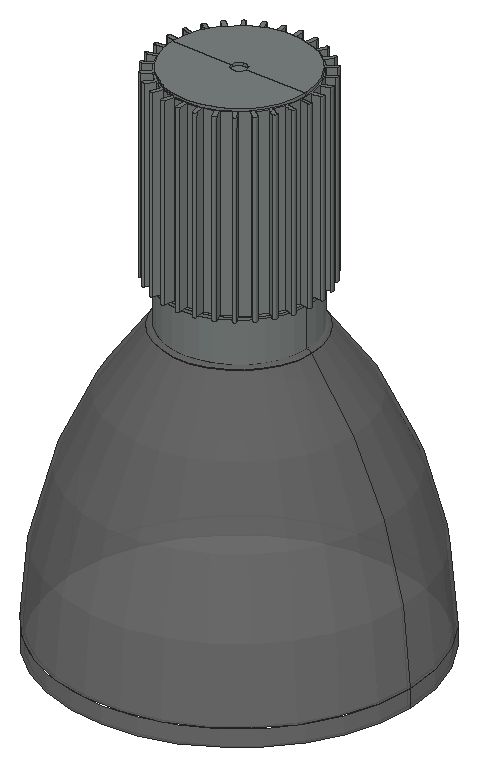
Revit family "TR2.FC", category Lighting Fixtures, Revit 2024
Family settings
  Round Connector Dimension = Use Diameter
  Part Type = Normal
  OmniClass Number = 23.80.70.00
  OmniClass Title = Lighting
  Work Plane-Based = No
  Always vertical = Yes
  Cut with Voids When Loaded = No
  Light Source = No
  Maintain Annotation Orientation = No
  Shared = No
  Room Calculation Point = No
Parameters
  Default Elevation = 0' - 0"
Reference planes (in)
  plane 1 "Light Source Axis (F/B)": y = 0
  plane 2: z = 0
  plane 3 "Light Source Axis (L/R)": x = 0
  plane 4 "Light Source Elevation": z = 54
Forms (in)
  Sweep 1, solid, material "FC", not visible
    path origin (75.968, 0, 0.00093) x (1, 0, 0) y (0, 0, 1)
      loop
        arc (-4.5864, 68.3252) -> (-8.91952, 61.72019) -> (-10.59309, 54) r 21.63816
    profile origin (67.04848, 0, 61.72112) x (0.922209, 0, -0.386691) y (0, -1, 0)
      loop
        circle (0, 0) r 0.03125
  Extrusion 2, solid, material "61", not visible
    sketch origin (21.22004, 0.07031, 3.70715) x (1, 0, 0) y (0, 1, 0)
      loop
        arc (0.70087, 4.42509) -> (0.0002, 4.48026) -> (-0.70003, 4.41981) r 4.27232
        line (-0.70003, 4.41981) -> (-0.65367, 4.12712)
        arc (-0.65367, 4.12712) -> (0, 4.17857) -> (0.65367, 4.12712) r 4.17857
        line (0.65367, 4.12712) -> (0.70087, 4.42509)
    from 66 to 73.80732
  Revolve 3, solid, material "FC"
    sketch origin (0, 0, -0.05835) x (1, 0, 0) y (0, 0, 1)
      loop
        arc (6, 54.66899) -> (5.10971, 59.6306) -> (2.54993, 63.97314) r 14.27073
        arc (2.54993, 63.97314) -> (2.46513, 64.03605) -> (2.36193, 64.05835) r 0.25
        line (2.36193, 64.05835) -> (2.36193, 63.9646)
        arc (2.36193, 63.9646) -> (2.42625, 63.95074) -> (2.47917, 63.91164) r 0.15625
        arc (2.47917, 63.91164) -> (5.0219, 59.59777) -> (5.90625, 54.66899) r 14.17698
        line (5.90625, 54.66899) -> (5.90625, 54.05835) -> (6, 54.05835) -> (6, 54.66899)
      axis (0, 64.05835) -> (0, 54.05835)
    angle from 0 to 360
  Extrusion 4, solid, material "74"
    sketch origin (-17.0625, -6.03088, 59.92741) x (1, 0, 0) y (0, 1, 0)
      loop
        arc (17, 8.40506) -> (16.81424, 8.39287) -> (16.63001, 8.36617) r 2.375
        line (16.63001, 8.36617) -> (16.56487, 8.67265)
        arc (16.56487, 8.67265) -> (16.49074, 8.72079) -> (16.4426, 8.64666) r 0.0625
        line (16.4426, 8.64666) -> (16.50775, 8.34018)
        arc (16.50775, 8.34018) -> (16.32858, 8.28964) -> (16.15393, 8.22522) r 2.375
        line (16.15393, 8.22522) -> (16.02649, 8.51146)
        arc (16.02649, 8.51146) -> (15.94397, 8.54313) -> (15.9123, 8.46061) r 0.0625
        line (15.9123, 8.46061) -> (16.03974, 8.17438)
        arc (16.03974, 8.17438) -> (15.875, 8.08769) -> (15.71756, 7.98837) r 2.375
        line (15.71756, 7.98837) -> (15.53339, 8.24185)
        arc (15.53339, 8.24185) -> (15.44609, 8.25568) -> (15.43226, 8.16838) r 0.0625
        line (15.43226, 8.16838) -> (15.61643, 7.91489)
        arc (15.61643, 7.91489) -> (15.47331, 7.79585) -> (15.33996, 7.66596) r 2.375
        line (15.33996, 7.66596) -> (15.10712, 7.87562)
        arc (15.10712, 7.87562) -> (15.01885, 7.87099) -> (15.02348, 7.78272) r 0.0625
        line (15.02348, 7.78272) -> (15.25632, 7.57307)
        arc (15.25632, 7.57307) -> (15.14108, 7.42687) -> (15.03765, 7.2721) r 2.375
        line (15.03765, 7.2721) -> (14.76631, 7.42876)
        arc (14.76631, 7.42876) -> (14.68093, 7.40588) -> (14.70381, 7.3205) r 0.0625
        line (14.70381, 7.3205) -> (14.97515, 7.16384)
        arc (14.97515, 7.16384) -> (14.89283, 6.99688) -> (14.82384, 6.82398) r 2.375
        line (14.82384, 6.82398) -> (14.52585, 6.92081)
        arc (14.52585, 6.92081) -> (14.44709, 6.88068) -> (14.48722, 6.80192) r 0.0625
        line (14.48722, 6.80192) -> (14.78521, 6.7051)
        arc (14.78521, 6.7051) -> (14.7394, 6.52467) -> (14.70786, 6.34121) r 2.375
        line (14.70786, 6.34121) -> (14.39626, 6.37396)
        arc (14.39626, 6.37396) -> (14.32756, 6.31833) -> (14.38319, 6.24964) r 0.0625
        line (14.38319, 6.24964) -> (14.6948, 6.21689)
        arc (14.6948, 6.21689) -> (14.6875, 6.03088) -> (14.6948, 5.84487) r 2.375
        line (14.6948, 5.84487) -> (14.38319, 5.81212)
        arc (14.38319, 5.81212) -> (14.32756, 5.74343) -> (14.39626, 5.6878) r 0.0625
        line (14.39626, 5.6878) -> (14.70786, 5.72055)
        arc (14.70786, 5.72055) -> (14.7394, 5.53709) -> (14.78521, 5.35666) r 2.375
        line (14.78521, 5.35666) -> (14.48722, 5.25984)
        arc (14.48722, 5.25984) -> (14.44709, 5.18108) -> (14.52585, 5.14096) r 0.0625
        line (14.52585, 5.14096) -> (14.82384, 5.23778)
        arc (14.82384, 5.23778) -> (14.89283, 5.06488) -> (14.97515, 4.89792) r 2.375
        line (14.97515, 4.89792) -> (14.70381, 4.74126)
        arc (14.70381, 4.74126) -> (14.68093, 4.65588) -> (14.76631, 4.633) r 0.0625
        line (14.76631, 4.633) -> (15.03765, 4.78967)
        arc (15.03765, 4.78967) -> (15.14108, 4.63489) -> (15.25632, 4.48869) r 2.375
        line (15.25632, 4.48869) -> (15.02348, 4.27904)
        arc (15.02348, 4.27904) -> (15.01885, 4.19077) -> (15.10712, 4.18615) r 0.0625
        line (15.10712, 4.18615) -> (15.33996, 4.3958)
        arc (15.33996, 4.3958) -> (15.47331, 4.26591) -> (15.61643, 4.14687) r 2.375
        line (15.61643, 4.14687) -> (15.43226, 3.89338)
        arc (15.43226, 3.89338) -> (15.44609, 3.80608) -> (15.53339, 3.81991) r 0.0625
        line (15.53339, 3.81991) -> (15.71756, 4.07339)
        arc (15.71756, 4.07339) -> (15.875, 3.97407) -> (16.03974, 3.88738) r 2.375
        line (16.03974, 3.88738) -> (15.9123, 3.60115)
        arc (15.9123, 3.60115) -> (15.94397, 3.51863) -> (16.02649, 3.55031) r 0.0625
        line (16.02649, 3.55031) -> (16.15393, 3.83654)
        arc (16.15393, 3.83654) -> (16.32858, 3.77212) -> (16.50775, 3.72158) r 2.375
        line (16.50775, 3.72158) -> (16.4426, 3.4151)
        arc (16.4426, 3.4151) -> (16.49074, 3.34098) -> (16.56487, 3.38911) r 0.0625
        line (16.56487, 3.38911) -> (16.63001, 3.69559)
        arc (16.63001, 3.69559) -> (16.81424, 3.66889) -> (17, 3.6567) r 2.375
        line (17, 3.6567) -> (17, 3.34338)
        arc (17, 3.34338) -> (17.0625, 3.28088) -> (17.125, 3.34338) r 0.0625
        line (17.125, 3.34338) -> (17.125, 3.6567)
        arc (17.125, 3.6567) -> (17.31076, 3.66889) -> (17.49499, 3.69559) r 2.375
        line (17.49499, 3.69559) -> (17.56013, 3.38911)
        arc (17.56013, 3.38911) -> (17.63426, 3.34098) -> (17.6824, 3.4151) r 0.0625
        line (17.6824, 3.4151) -> (17.61725, 3.72158)
        arc (17.61725, 3.72158) -> (17.79642, 3.77212) -> (17.97107, 3.83654) r 2.375
        line (17.97107, 3.83654) -> (18.09851, 3.55031)
        arc (18.09851, 3.55031) -> (18.18103, 3.51863) -> (18.2127, 3.60115) r 0.0625
        line (18.2127, 3.60115) -> (18.08526, 3.88738)
        arc (18.08526, 3.88738) -> (18.25, 3.97407) -> (18.40744, 4.07339) r 2.375
        line (18.40744, 4.07339) -> (18.59161, 3.81991)
        arc (18.59161, 3.81991) -> (18.67891, 3.80608) -> (18.69274, 3.89338) r 0.0625
        line (18.69274, 3.89338) -> (18.50857, 4.14687)
        arc (18.50857, 4.14687) -> (18.65169, 4.26591) -> (18.78504, 4.3958) r 2.375
        line (18.78504, 4.3958) -> (19.01788, 4.18615)
        arc (19.01788, 4.18615) -> (19.10615, 4.19077) -> (19.10152, 4.27904) r 0.0625
        line (19.10152, 4.27904) -> (18.86868, 4.48869)
        arc (18.86868, 4.48869) -> (18.98392, 4.63489) -> (19.08735, 4.78967) r 2.375
        line (19.08735, 4.78967) -> (19.35869, 4.633)
        arc (19.35869, 4.633) -> (19.44407, 4.65588) -> (19.42119, 4.74126) r 0.0625
        line (19.42119, 4.74126) -> (19.14985, 4.89792)
        arc (19.14985, 4.89792) -> (19.23217, 5.06488) -> (19.30116, 5.23778) r 2.375
        line (19.30116, 5.23778) -> (19.59915, 5.14096)
        arc (19.59915, 5.14096) -> (19.67791, 5.18108) -> (19.63778, 5.25984) r 0.0625
        line (19.63778, 5.25984) -> (19.33979, 5.35666)
        arc (19.33979, 5.35666) -> (19.3856, 5.53709) -> (19.41714, 5.72055) r 2.375
        line (19.41714, 5.72055) -> (19.72874, 5.6878)
        arc (19.72874, 5.6878) -> (19.79744, 5.74343) -> (19.74181, 5.81212) r 0.0625
        line (19.74181, 5.81212) -> (19.4302, 5.84487)
        arc (19.4302, 5.84487) -> (19.4375, 6.03088) -> (19.4302, 6.21689) r 2.375
        line (19.4302, 6.21689) -> (19.74181, 6.24964)
        arc (19.74181, 6.24964) -> (19.79744, 6.31833) -> (19.72874, 6.37396) r 0.0625
        line (19.72874, 6.37396) -> (19.41714, 6.34121)
        arc (19.41714, 6.34121) -> (19.3856, 6.52467) -> (19.33979, 6.7051) r 2.375
        line (19.33979, 6.7051) -> (19.63778, 6.80192)
        arc (19.63778, 6.80192) -> (19.67791, 6.88068) -> (19.59915, 6.92081) r 0.0625
        line (19.59915, 6.92081) -> (19.30116, 6.82398)
        arc (19.30116, 6.82398) -> (19.23217, 6.99688) -> (19.14985, 7.16384) r 2.375
        line (19.14985, 7.16384) -> (19.42119, 7.3205)
        arc (19.42119, 7.3205) -> (19.44407, 7.40588) -> (19.35869, 7.42876) r 0.0625
        line (19.35869, 7.42876) -> (19.08735, 7.2721)
        arc (19.08735, 7.2721) -> (18.98392, 7.42687) -> (18.86868, 7.57307) r 2.375
        line (18.86868, 7.57307) -> (19.10152, 7.78272)
        arc (19.10152, 7.78272) -> (19.10615, 7.87099) -> (19.01788, 7.87562) r 0.0625
        line (19.01788, 7.87562) -> (18.78504, 7.66596)
        arc (18.78504, 7.66596) -> (18.65169, 7.79585) -> (18.50857, 7.91489) r 2.375
        line (18.50857, 7.91489) -> (18.69274, 8.16838)
        arc (18.69274, 8.16838) -> (18.67891, 8.25568) -> (18.59161, 8.24185) r 0.0625
        line (18.59161, 8.24185) -> (18.40744, 7.98837)
        arc (18.40744, 7.98837) -> (18.25, 8.08769) -> (18.08526, 8.17438) r 2.375
        line (18.08526, 8.17438) -> (18.2127, 8.46061)
        arc (18.2127, 8.46061) -> (18.18103, 8.54313) -> (18.09851, 8.51146) r 0.0625
        line (18.09851, 8.51146) -> (17.97107, 8.22522)
        arc (17.97107, 8.22522) -> (17.79642, 8.28964) -> (17.61725, 8.34018) r 2.375
        line (17.61725, 8.34018) -> (17.6824, 8.64666)
        arc (17.6824, 8.64666) -> (17.63426, 8.72079) -> (17.56013, 8.67265) r 0.0625
        line (17.56013, 8.67265) -> (17.49499, 8.36617)
        arc (17.49499, 8.36617) -> (17.31076, 8.39287) -> (17.125, 8.40506) r 2.375
        line (17.125, 8.40506) -> (17.125, 8.71838)
        arc (17.125, 8.71838) -> (17.0625, 8.78088) -> (17, 8.71838) r 0.0625
        line (17, 8.71838) -> (17, 8.40506)
    from 5.61183 to 12
  Revolve 5, solid, material "74"
    sketch origin (0, 0, 0) x (1, 0, 0) y (0, 0, 1)
      loop
        line (0.25, 72) -> (0.25, 71.92741) -> (2.32297, 71.92741) -> (2.32297, 72) -> (0.25, 72)
      loop
        line (0, 65.53924) -> (0, 65.46665) -> (2.28125, 65.46665) -> (2.28125, 64) -> (2.375, 64) -> (2.375, 65.46665) -> (2.5, 65.46665) -> (2.5, 65.53924) -> (0, 65.53924)
      axis (0, 72) -> (0, 64)
    angle from 0 to 360
Dimensions and locks (in)
  aligned and locked: level to plane 2
